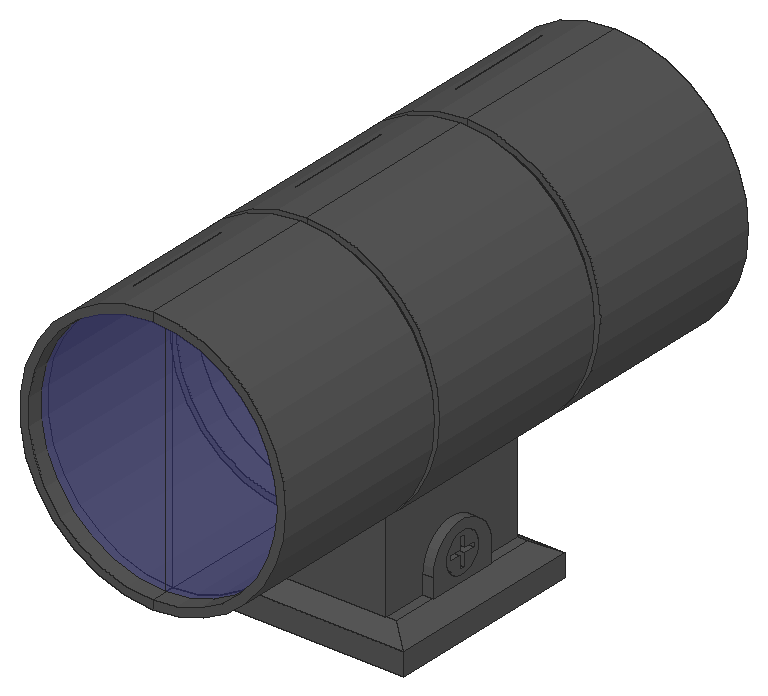
Revit family "CARLO CYLINDER LIGHT WALL MOUNT", category Lighting Fixtures, host Face, Revit 2020 (continued)
Parameters (values of type "CCL6-13-35SPSW8-PC-25-WM-BK")
    85 \r\n 6.3934 5.8091 5.2643 4.7801 4.3529 3.993 3.6791 3.3905 3.1355 2.9181 \r\n 2.7306 2.5697 2.4265 2.2886 2.163 2.0561 1.9577 1.8565 1.7623 1.6839 \r\n 1.6132 1.5438 1.4783 1.4181 1.3593 1.2961 1.2351 1.1833 1.1341 1.0813 \r\n 1.0303 0.9858 0.9438 0.90181 0.86011 0.81678 0.77584 0.74278 0.71126 0.68102 \r\n 0.64979 0.61333 0.57744 0.54827 0.52058 0.49083 0.46007 0.42737 0.39514 0.36648 \r\n 0.3384 0.30806 0.27816 0.25082 0.22489 0.20098 0.17603 0.14756 0.11965 0.097695 \r\n 0.086864 0.097034 0.11943 0.14675 0.18448 0.25066 0.32212 0.37702 0.42944 0.49275 \r\n 0.54734 0.56975 0.58492 0.61532 0.64491 0.65975 0.67605 0.70957 0.74774 0.78166 \r\n 0.81604 0.85394 0.89144 0.92353 0.9566 0.99773 1.0398 1.0765 1.1127 1.1515 \r\n 1.1916 1.2313 1.2757 1.3316 1.3916 1.4493 1.5079 1.5679 1.6305 1.6981 \r\n 1.768 1.8366 1.9083 1.986 2.0698 2.1603 2.2587 2.3654 2.4839 2.6178 \r\n 2.7663 2.9275 3.1085 3.3167 3.5489 3.8012 4.0826 4.3946 4.7545 5.187 \r\n 5.6718 6.1838 6.7618 7.4536 8.2069 8.9686 9.7895 10.726 11.708 12.676 \r\n 13.658 14.664 15.689 16.731 17.791 18.846 19.97 21.288 22.614 23.665 \r\n 24.861 26.451 28.657 31.621 35.831 41.033 49.59 64.106 83.612 108.79 \r\n 137.3 167.04 198.03 229.75 261.75 293.56 324.73 354.96 383.3 409.03 \r\n 431.25 449.05 461.73 466.74 468.79 472.33 475.6 478.25 480.42 481.98 \r\n 483.45 485.45 487.69 490.08 492.63 495.25 498.11 501.46 504.91 508.06 \r\n 511.24 514.68 518.35 522.38 526.47 530.28 534.11 538.08 542.44 547.56 \r\n 553.25 559.29 566.11 574.01 583.09 593.31 605.32 619.64 636.63 656.49 \r\n 680.16 708.57 741.94 780.22 825.29 879.16 941.45 1011.5 1092.1 1186 \r\n 1291.8 1408.6 1538.2 1682.6 1840.2 2008.5 2191.4 2397.1 2611.3 2821.3 \r\n 3031.1 3240.2 3449.8 3663.7 3873.9 4073.4 4262.9 4440.7 4606.5 4760.1 \r\n 4899.8 5023.8 5131.9 5223 5297.5 5354.5 5396.6 5424.9 5442.9 5455.2 \r\n 5509.6 \r\n5444.5 5457.6 5479.3 5489.3 5488 5476.4 5453.8 5418.9 5374.7 5324.4 \r\n 5265.7 5199.1 5118.2 5014.4 4895.2 4765 4624.4 4476.5 4317.8 4143.6 \r\n 3959.6 3771 3575.4 3370.5 3162.2 2955.1 2750.3 2550.3 2354.5 2161.7 \r\n 1975.5 1797.5 1632.2 1483.9 1355.2 1255.5 1168.9 1081.2 997.1 913.33 \r\n 839.15 785.84 743.99 707.84 677.6 651.63 629.62 610.78 594.77 581.07 \r\n 569.46 559.61 551.33 544.45 538.55 533.13 528.31 524.11 520.35 516.88 \r\n 513.64 510.5 507.49 504.62 501.77 498.78 495.73 492.66 489.58 486.48 \r\n 483.42 480.55 477.57 474.15 470.54 467.07 463.15 459.14 452.56 440.81 \r\n 424.61 403.3 378.37 351.02 321.53 289.96 258.12 228.12 199.06 170.09 \r\n 143.15 120.82 100.34 77.945 59.236 50.448 45.904 41.861 38.753 35.687 \r\n 32.89 30.362 27.889 25.04 22.46 20.851 19.613 18.345 17.155 16.014 \r\n 14.937 13.938 12.993 12.091 11.214 10.33 9.4797 8.6987 7.9727 7.3047 \r\n 6.6783 6.0704 5.5037 4.9931 4.5382 4.148 3.8082 3.5085 3.2465 3.0178 \r\n 2.8183 2.645 2.4904 2.3446 2.2128 2.1005 1.9978 1.8937 1.7967 1.7134 \r\n 1.6377 1.5654 1.4971 1.4333 1.3716 1.3082 1.2478 1.1952 1.1452 1.0929 \r\n 1.043 1.0002 0.96002 0.91898 0.87787 0.83503 0.7943 0.76102 0.72909 0.69738 \r\n 0.66472 0.62798 0.59199 0.56211 0.53362 0.50335 0.47203 0.43839 0.40522 0.37595 \r\n 0.34748 0.31717 0.28715 0.25887 0.23175 0.20643 0.1809 0.1592 0.14091 0.12549 \r\n 0.11738 0.11988 0.13596 0.17415 0.22103 0.27931 0.34231 0.40536 0.46503 0.5172 \r\n 0.5593 0.58312 0.60154 0.6273 0.65269 0.67116 0.69205 0.72551 0.76266 0.79694 \r\n 0.83159 0.86847 0.90525 0.93883 0.97332 1.0134 1.0543 1.0921 1.1305 1.1724 \r\n 1.2156 1.2566 1.3014 1.3571 1.4165 1.4744 1.5328 1.5909 1.652 1.7208 \r\n 1.7923 1.861 1.9328 2.0121 2.0976 2.1888 2.2878 2.3953 2.515 2.6503 \r\n 2.8015 2.967 3.1551 3.3763 3.6226 3.8848 4.1759 4.4998 4.8735 5.3209 \r\n 5.8251 6.3679 6.9773 7.6906 8.4632 9.2481 10.09 11.037 12.03 13.019 \r\n 14.017 15.014 16.032 17.094 18.185 19.274 20.426 21.753 23.083 24.101 \r\n 25.361 27.338 29.963 32.754 37.43 45.53 57.114 72.574 92.451 118.31 \r\n 147.46 177.69 209.06 241.1 273.18 304.56 335.05 364.54 392 416.7 \r\n 437.57 453.22 463.92 468.15 469.94 473.46 476.81 479.39 481.54 483.24 \r\n 484.92 487.06 489.42 491.93 494.55 497.17 499.97 503.19 506.52 509.65 \r\n 512.88 516.5 520.34 524.41 528.51 532.37 536.29 540.38 544.9 550.28 \r\n 556.22 562.39 569.36 577.56 587.03 597.72 610.34 625.46 643.43 664.52 \r\n 689.58 719.42 754.5 794.67 842.51 901.82 968.86 1038.7 1118.7 1215.8 \r\n 1326.1 1447.5 1581.7 1730.1 1891.5 2064.5 2251.7 2459.5 2675.1 2887.1 \r\n 3098.7 3309.2 3519 3730.3 3937.3 4135.4 4323.1 4497.2 4658.8 4808.5 \r\n 4944.4 5065 5169.6 5256.7 5326.9 5378.9 5416.3 5441.2 5456 5464.3 \r\n 5509.6 \r\n5444.5 5455.7 5480.2 5491.6 5492 5484 5465.3 5433.7 5392.2 5343.6 \r\n 5286.5 5222.8 5145.6 5046.8 4932.9 4807.8 4671.4 4525.7 4368.5 4196.7 \r\n 4014.7 3826.3 3630.4 3424.7 3216 3011 2807.9 2607.7 2410 2213.1 \r\n 2022.2 1840.6 1672 1520.6 1387.4 1278.4 1182.8 1090.7 1005.2 924.03 \r\n 852.63 797.82 753.44 715.81 684.35 657.39 634.55 614.99 598.37 584.11 \r\n 572.02 561.79 553.22 546.12 540.08 534.55 529.67 525.43 521.62 518 \r\n 514.63 511.52 508.55 505.67 502.77 499.7 496.53 493.25 489.92 486.61 \r\n 483.35 480.3 477.21 473.85 470.29 466.58 462.57 458.82 453.21 444.03 \r\n 430.69 411.34 388.02 362.03 333.7 303.27 272.34 242.82 213.91 185.01 \r\n 157.47 132.89 109.91 86.216 66.213 54.94 48.203 43.771 40.786 37.443 \r\n 34.356 31.629 28.997 26.016 23.326 21.615 20.295 18.982 17.761 16.579 \r\n 15.465 14.438 13.47 12.545 11.646 10.732 9.8554 9.0633 8.3246 7.6237 \r\n 6.9613 6.3288 5.7397 5.2044 4.7234 4.3023 3.936 3.6257 3.3573 3.1169 \r\n 2.9048 2.7181 2.5516 2.3978 2.2599 2.1419 2.0346 1.9282 1.8288 1.7404 \r\n 1.6594 1.5839 1.513 1.4453 1.3805 1.3174 1.2577 1.2041 1.1532 1.1017 \r\n 1.0532 1.012 0.97341 0.93348 0.89328 0.85148 0.81146 0.77793 0.74551 0.71226 \r\n 0.67815 0.64132 0.60538 0.57467 0.54524 0.51451 0.4827 0.44808 0.41394 0.38411 \r\n 0.35534 0.32515 0.29512 0.26605 0.23778 0.21083 0.18441 0.17037 0.16142 0.15338 \r\n 0.14877 0.14358 0.15318 0.2029 0.25899 0.30777 0.3606 0.43181 0.49883 0.53834 \r\n 0.56682 0.59344 0.61682 0.63782 0.65881 0.68211 0.70874 0.7418 0.77737 0.81212 \r\n 0.84725 0.88295 0.9189 0.95446 0.99081 1.0296 1.0689 1.1087 1.1501 1.1953 \r\n 1.2414 1.2846 1.3304 1.3854 1.4438 1.5017 1.5599 1.6162 1.6759 1.7458 \r\n 1.819 1.888 1.9601 2.0412 2.1287 2.2205 2.32 2.4288 2.55 2.6867 \r\n 2.8403 3.0101 3.2054 3.4393 3.6994 3.9722 4.2738 4.611 4.9998 5.4624 \r\n 5.9863 6.5611 7.2031 7.937 8.7278 9.5366 10.399 11.355 12.356 13.365 \r\n 14.379 15.369 16.381 17.466 18.591 19.72 20.906 22.232 23.568 24.593 \r\n 25.967 28.356 31.426 34.07 39.276 50.481 65.231 81.458 101.43 127.78 \r\n 157.33 187.66 219.05 251.26 283.34 314.22 343.95 372.58 399.02 422.63 \r\n 442.15 455.67 464.55 468.49 470.52 474.14 477.61 480.17 482.33 484.29 \r\n 486.27 488.62 491.15 493.82 496.55 499.19 501.95 505.04 508.25 511.37 \r\n 514.67 518.45 522.45 526.51 530.58 534.48 538.47 542.66 547.34 552.93 \r\n 559.09 565.4 572.53 581.02 590.89 602.11 615.4 631.37 650.4 672.8 \r\n 699.35 730.72 767.6 809.79 860.55 925.39 997.41 1067.7 1147.8 1248.3 \r\n 1362.9 1488.4 1626.6 1778.8 1944.2 2121.9 2313.1 2522.1 2738.3 2952.1 \r\n 3165.4 3377.3 3587.3 3795.6 3998.9 4195.3 4381.2 4551.7 4709.2 4854.9 \r\n 4986.9 5104.2 5205.5 5288.7 5354.7 5402.1 5435.1 5456.9 5468.7 5473.1 \r\n 5509.6 \r\n5444.5 5453.7 5480.5 5493.2 5495.1 5490.4 5475.4 5446.9 5407.9 5360.5 \r\n 5304.6 5243 5168.9 5074.5 4965.5 4844.9 4712.4 4568.7 4412.9 4243.2 \r\n 4062.9 3874.5 3678 3471.7 3262.9 3059.7 2858.3 2657.6 2458 2257.4 \r\n 2062.4 1877.9 1706.4 1552.6 1415.4 1297.1 1192.5 1096.9 1010.7 932.6 \r\n 864.34 808.32 761.66 722.74 690.24 662.42 638.87 618.71 601.56 586.81 \r\n 574.31 563.78 554.96 547.69 541.51 535.91 530.97 526.7 522.84 519.07 \r\n 515.57 512.48 509.56 506.66 503.7 500.56 497.28 493.79 490.25 486.75 \r\n 483.31 480.08 476.87 473.61 470.14 466.2 462.03 458.3 453.39 446.57 \r\n 435.95 418.55 396.86 372.26 345.13 315.89 285.9 256.86 228.12 199.33 \r\n 171.26 144.53 119.2 94.582 73.591 59.704 50.541 45.624 42.717 39.101 \r\n 35.745 32.801 29.996 26.907 24.137 22.335 20.94 19.582 18.329 17.111 \r\n 15.966 14.914 13.924 12.977 12.055 11.115 10.213 9.4101 8.6587 7.926 \r\n 7.229 6.572 5.961 5.4036 4.8994 4.4491 4.0573 3.737 3.4625 3.2105 \r\n 2.9856 2.786 2.6078 2.4465 2.303 2.1795 2.0678 1.9596 1.8583 1.7649 \r\n 1.6788 1.6004 1.5271 1.4558 1.3882 1.3255 1.2667 1.212 1.1603 1.1096 \r\n 1.0626 1.0227 0.98525 0.94636 0.90724 0.86692 0.828 0.79414 0.76109 0.72641 \r\n 0.69103 0.65427 0.61851 0.58689 0.55642 0.52525 0.49302 0.45749 0.42246 0.39212 \r\n 0.36309 0.33304 0.30304 0.27336 0.24409 0.21538 0.18782 0.18111 0.18123 0.18054 \r\n 0.17951 0.16692 0.17014 0.23058 0.29489 0.33417 0.37674 0.45476 0.52785 0.55477 \r\n 0.57019 0.60024 0.62925 0.6461 0.66324 0.69186 0.72451 0.75706 0.79082 0.82611 \r\n 0.86182 0.89637 0.93156 0.96927 1.0076 1.0451 1.0827 1.1248 1.1696 1.2176 \r\n 1.2663 1.3117 1.359 1.413 1.47 1.5278 1.586 1.6409 1.6994 1.7705 \r\n 1.8452 1.9148 1.9877 2.0708 2.1602 2.253 2.3535 2.4643 2.5878 2.7264 \r\n 2.8829 3.0574 3.26 3.5058 3.7792 4.0636 4.3777 4.7298 5.1352 5.6149 \r\n 6.1601 6.7673 7.4419 8.1965 9.0054 9.838 10.721 11.685 12.691 13.718 \r\n 14.748 15.733 16.745 17.854 19.014 20.188 21.412 22.73 24.078 25.167 \r\n 26.712 29.511 33.033 35.634 41.456 55.723 73.553 90.492 110.48 137.21 \r\n 167 197.17 228.32 260.57 292.57 322.9 351.83 379.48 404.8 427.24 \r\n 445.4 456.89 464.13 468.15 470.75 474.55 478.12 480.69 482.9 485.16 \r\n 487.49 490.08 492.81 495.65 498.5 501.2 503.96 506.93 510.03 513.15 \r\n 516.52 520.44 524.55 528.57 532.58 536.5 540.55 544.84 549.65 555.42 \r\n 561.78 568.27 575.63 584.44 594.75 606.56 620.62 637.52 657.69 681.5 \r\n 709.67 742.73 781.58 825.97 879.79 950 1027 1098.8 1180 1284.1 \r\n 1402.9 1532.2 1674.3 1830.7 2000.4 2182.8 2377.7 2587.3 2803.4 3018.6 \r\n 3233.4 3446.6 3656.5 3861.5 4060.8 4255 4438.7 4605.7 4759.1 4900.6 \r\n 5028.5 5142.3 5240 5319.3 5381.1 5424.2 5453.2 5471.9 5480.7 5481.6 \r\n 5509.6 \r\n5444.5 5451.8 5480.6 5494.4 5497.5 5495.6 5483.8 5458 5421.2 5374.5 \r\n 5319.2 5259.2 5187.3 5096.5 4991.4 4874.6 4745.2 4603.1 4448.4 4280.5 \r\n 4101.5 3912.8 3715.5 3508.8 3300.1 3098.1 2897.6 2696.4 2495.2 2291.5 \r\n 2093.2 1906.5 1733 1577.4 1436.9 1310.5 1198.2 1100 1014.1 938.89 \r\n 873.48 816.57 768.08 728.17 694.87 666.4 642.3 621.67 604.11 589.01 \r\n 576.21 565.45 556.47 549.05 542.77 537.12 532.15 527.84 523.92 520.02 \r\n 516.41 513.34 510.46 507.51 504.49 501.3 497.94 494.29 490.57 486.93 \r\n 483.37 479.97 476.66 473.52 470.18 466.08 461.76 457.88 453.43 448.65 \r\n 440.44 424.89 404.81 381.55 355.59 327.47 298.34 269.72 241.11 212.44 \r\n 183.92 155.27 127.91 102.73 81.025 64.521 52.824 47.306 44.384 40.522 \r\n 36.947 33.789 30.813 27.648 24.833 22.963 21.506 20.108 18.824 17.58 \r\n 16.411 15.339 14.33 13.364 12.422 11.458 10.534 9.7206 8.9567 8.1957 \r\n 7.4681 6.7878 6.1563 5.5802 5.0569 4.5813 4.1668 3.8373 3.5565 3.2934 \r\n 3.0566 2.8452 2.6568 2.4892 2.341 2.2125 2.0969 1.9874 1.8848 1.7873 \r\n 1.6968 1.616 1.5407 1.4665 1.3967 1.3345 1.2767 1.2211 1.1686 1.1188 \r\n 1.0729 1.0344 0.99678 0.9587 0.92064 0.88211 0.84459 0.81026 0.77642 0.7406 \r\n 0.70429 0.66777 0.63225 0.5997 0.56813 0.53652 0.50392 0.46767 0.43194 0.40113 \r\n 0.37183 0.34186 0.31189 0.28184 0.25178 0.22127 0.19239 0.1922 0.2004 0.20612 \r\n 0.20806 0.18873 0.18586 0.25479 0.32524 0.35666 0.39049 0.47258 0.5491 0.5651 \r\n 0.56972 0.60303 0.63735 0.65139 0.66595 0.69966 0.73781 0.76989 0.80201 0.8378 \r\n 0.87409 0.90772 0.94235 0.98213 1.0224 1.0585 1.0948 1.1392 1.187 1.2368 \r\n 1.2872 1.3348 1.3835 1.4364 1.4918 1.5496 1.6079 1.6621 1.7202 1.7923 \r\n 1.8684 1.9389 2.013 2.098 2.1896 2.2839 2.3864 2.5004 2.6275 2.769 \r\n 2.9291 3.1093 3.3196 3.5758 3.8616 4.1595 4.4887 4.8575 5.2817 5.782 \r\n 6.3514 6.9906 7.6966 8.473 9.301 10.156 11.059 12.031 13.043 14.083 \r\n 15.126 16.115 17.134 18.267 19.46 20.681 21.946 23.252 24.623 25.846 \r\n 27.628 30.805 34.768 37.509 44.062 61.096 81.697 99.412 119.55 146.61 \r\n 176.53 206.42 237.19 269.37 301.2 330.97 359.07 385.67 409.77 430.94 \r\n 447.72 457.34 463.19 467.53 470.88 474.85 478.46 481.05 483.34 485.9 \r\n 488.56 491.38 494.3 497.32 500.31 503.11 505.9 508.78 511.79 514.93 \r\n 518.35 522.36 526.53 530.48 534.42 538.33 542.42 546.82 551.77 557.67 \r\n 564.21 570.95 578.64 587.83 598.65 611.17 626.1 644.03 665.44 690.79 \r\n 720.72 755.71 796.78 843.64 900.62 975.78 1057.7 1132.1 1215.7 1323.7 \r\n 1447 1580.1 1726.4 1887.8 2062.4 2249.5 2447.7 2657.4 2872.9 3089.2 \r\n 3305.1 3518.9 3728.3 3930 4125.2 4316.5 4497.3 4660.4 4809.6 4946.8 \r\n 5070.4 5180.3 5274 5348.9 5406.4 5445.4 5470.5 5486.2 5492.1 5489.3 \r\n 5509.6 \r\n5444.5 5447.7 5477.3 5492.1 5496.4 5496 5485.7 5461.4 5425.5 5378.6 \r\n 5323 5263.7 5193 5103.3 4999.2 4882.7 4753.6 4612.5 4459 4292.2 \r\n 4113.8 3924.7 3726.9 3520.8 3312.1 3107.6 2904.4 2702 2500.2 2295.9 \r\n 2097.1 1910.1 1736.3 1580.3 1439 1310.1 1195.9 1100.1 1016.9 941.31 \r\n 874.81 817.59 768.95 728.93 695.56 667.01 642.82 622.07 604.43 589.34 \r\n 576.59 565.87 556.89 549.4 543.03 537.37 532.38 527.96 523.92 519.98 \r\n 516.34 513.26 510.37 507.33 504.24 501.08 497.78 494.16 490.47 486.93 \r\n 483.46 480.06 476.78 473.82 470.7 466.83 462.73 458.91 454.74 450.93 \r\n 444.02 429.93 411.25 389.03 363.83 336.15 307.23 278.62 249.89 221.09 \r\n 192.28 162.95 134.87 109.55 87.256 68.231 54.003 47.781 44.78 40.862 \r\n 37.3 34.012 30.922 27.779 25.024 23.187 21.748 20.332 19.026 17.789 \r\n 16.63 15.554 14.537 13.569 12.624 11.647 10.71 9.8859 9.1125 8.3404 \r\n 7.6003 6.9045 6.2587 5.6753 5.146 4.6614 4.2372 3.898 3.6079 3.3353 \r\n 3.0906 2.8745 2.6833 2.514 2.3647 2.2345 2.1176 2.008 1.9058 1.808 \r\n 1.7172 1.6364 1.5614 1.4878 1.4187 1.3572 1.2999 1.2447 1.1921 1.1413 \r\n 1.094 1.0527 1.0142 0.97548 0.93748 0.90091 0.86505 0.82941 0.79396 0.75854 \r\n 0.72312 0.68729 0.65204 0.6186 0.58588 0.55353 0.52053 0.48452 0.44908 0.41797 \r\n 0.38821 0.35779 0.32756 0.29804 0.26827 0.23636 0.20609 0.20863 0.21968 0.22439 \r\n 0.22559 0.21139 0.21109 0.26415 0.32812 0.36402 0.40082 0.47353 0.54 0.55608 \r\n 0.56294 0.59473 0.62825 0.64608 0.66494 0.69988 0.73841 0.77121 0.80385 0.83974 \r\n 0.87615 0.9104 0.94576 0.98623 1.0269 1.0626 1.0985 1.1436 1.1915 1.2384 \r\n 1.2859 1.3335 1.3826 1.4344 1.4888 1.547 1.6065 1.6632 1.7239 1.7968 \r\n 1.8737 1.947 2.0239 2.1099 2.2033 2.3025 2.4119 2.5354 2.6726 2.8221 \r\n 2.9903 3.1804 3.4002 3.6613 3.9559 4.2772 4.6342 5.0252 5.4752 6.0153 \r\n 6.6255 7.2942 8.0278 8.8383 9.697 10.569 11.486 12.482 13.514 14.548 \r\n 15.59 16.617 17.679 18.826 20.032 21.293 22.597 23.86 25.287 26.905 \r\n 29.157 32.596 36.917 40.358 47.847 65.993 87.993 107.75 129.75 157.61 \r\n 187.84 217.83 248.5 280.51 311.99 341.18 368.4 393.63 416.12 435.53 \r\n 450.62 458.84 463.78 468.26 471.95 475.61 478.86 481.43 483.78 486.3 \r\n 488.95 491.83 494.85 497.95 501.06 504.13 507.15 510.08 513.07 516.28 \r\n 519.72 523.58 527.57 531.42 535.3 539.18 543.31 547.85 552.97 558.95 \r\n 565.69 573.03 581.47 591.37 603.03 616.66 632.88 652.16 675.13 702.4 \r\n 734.51 771.74 815.37 865.4 926 1004.9 1091.4 1172.7 1263.4 1376.5 \r\n 1504.9 1644.4 1798.2 1969.2 2152.7 2345 2545.9 2755 2969 3185.3 \r\n 3401.1 3613.4 3820.6 4019.5 4210.9 4396.3 4570.5 4727.9 4871.8 5004.4 \r\n 5123.1 5226.6 5313.5 5381.3 5432.3 5466.7 5488 5499.3 5501 5494.6 \r\n 5509.6 \r\n5444.5 5445 5474.9 5490.5 5495.9 5496.4 5487 5463.5 5428.1 5380.6 \r\n 5324.3 5265.1 5194.7 5105.1 5000.8 4883.4 4753.6 4612.9 4460.1 4293.7 \r\n 4115.5 3925.6 3727.1 3521.6 3312.8 3105.2 2898.6 2695 2492.8 2288.8 \r\n 2090.5 1904 1730.7 1575.1 1433.9 1304.4 1190.5 1098.2 1018.2 941.59 \r\n 873.35 816.12 767.88 728.09 694.92 666.5 642.42 621.71 604.12 589.18 \r\n 576.59 566.01 557.12 549.6 543.18 537.54 532.56 528.04 523.89 519.94 \r\n 516.31 513.22 510.28 507.16 504 500.9 497.68 494.13 490.52 487.14 \r\n 483.82 480.46 477.22 474.43 471.54 467.98 464.15 460.32 456.25 453.03 \r\n 447.02 434.2 416.8 395.49 370.93 343.54 314.69 286.01 257.11 228.11 \r\n 199.05 169.36 140.94 115.78 93.142 71.851 55.238 48.143 44.857 40.902 \r\n 37.421 34.027 30.842 27.754 25.09 23.308 21.901 20.472 19.147 17.925 \r\n 16.786 15.708 14.687 13.72 12.773 11.788 10.84 10.007 9.2236 8.4447 \r\n 7.697 6.9879 6.3297 5.7423 5.211 4.7222 4.2923 3.9447 3.6453 3.3645 \r\n 3.1131 2.8943 2.7022 2.5326 2.3832 2.2521 2.1345 2.0254 1.
